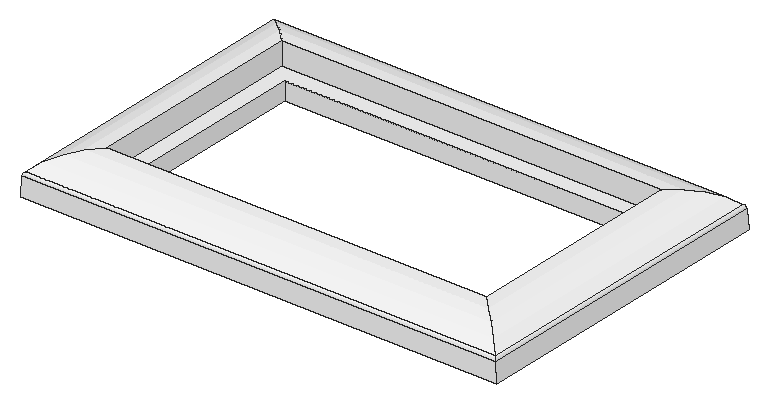
Revit family "Gira_100101", category Electrical Fixtures, host Face, Revit 2017
Family settings
  Host = Face
  Maintain Annotation Orientation = No
  Round Connector Dimension = Use Diameter
  Part Type = Normal
  Cut with Voids When Loaded = No
  Shared = No
  Room Calculation Point = No
Parameters (values of type "Cov.fr. 1.5-g Standard 55 cr.white")
  URL = "http://katalog.gira.de/en/datenblatt.html?artikelnr=100101"
  Transparent = "No"
  Name = "Cov.fr. 1.5-g Standard 55 cr.white"
  Manufacturer URL = "https://www.gira.de/"
  Manufacturer = "Gira"
  Label space/information surface = "No"
  Keynote = ""
  HeinzeBIM = "https://bimportal.heinze.de/bim/cov-fr-1-5-g-standard-55-cr-white/0feeb26ce3ccdf5075f7fa0da09c9055b0cac334"
  HAN = "100101"
  GTIN = "4010337881247"
  Description = "Cov.fr.1.5g Std55 CW,Gira Standard 55 cover frame,cream white glossy,1.5-gang,Features:,- Shatter-proof.,,Notes :,- Also suitable for duct installation.,- In connection with the seal kit, frame (1-gang to 5-gang) is also suitable for installation as water-protected flush-mounted IP44."
  Default Elevation = 1219.2 mm
  Data sheet (1) = "https://katalog.gira.de/en/download.html?artikelnr=100101"
  Category = "Cover frame for domestic switching devices"
  BIM (1) = "https://media.stage.bim.site/public/gira/36a6b08/Std55_Rahmen_1,5fach.rfa"
  Available = "No"
Reference planes
  plane 1 "Center (Front/Back)": y = 0
  plane 2: z = 0
  plane 3 "Center (Left/Right)": x = 0
  plane 4: x = -60.5
  plane 5: x = 60.5
  plane 6: y = -40
  plane 7: y = 40
Forms (mm)
  Sweep 1, solid, material "White", detail levels fine
    path origin (0, 0, 0) x (1, 0, 0) y (0, 1, 0)
      loop
        line (60.5, 40) -> (-60.5, 40) -> (-60.5, -40) -> (60.5, -40) -> (60.5, 40)
    profile origin (0, 40, 0) x (0, -1, 0) y (0, 0, 1)
      loop
        arc (12.278, 10.074) -> (6.073, 9.052) -> (0.724, 5.745) r 16.207
        arc (0.724, 5.745) -> (0.387, 5.281) -> (0.248, 4.725) r 1.5
        line (0.248, 4.725) -> (0, 0) -> (16.627, 0) -> (16.627, 4.5) -> (12.327, 4.5) -> (12.278, 10.074)
  Extrusion 2, solid, material "White", detail levels coarse+medium
    sketch origin (0, 0, 0) x (1, 0, 0) y (0, 1, 0)
      loop
        line (-60.5, 40) -> (-60.5, -40) -> (60.5, -40) -> (60.5, 40) -> (-60.5, 40)
    from 0 to 10.074
Dimensions and locks
  aligned and locked: plane 2 to host face
  aligned and locked: level to host face
